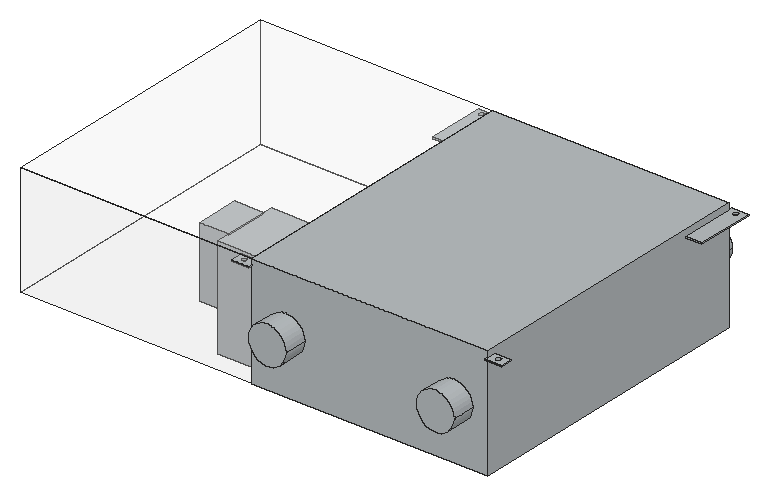
Revit family "lgh-rn15_100rxv2(d)_60Hz", category 機械設備, Revit 2019
Family settings
  丸型コネクタ寸法 = 直径を使用
  パーツ タイプ = 割り込み
  OmniClass 番号 = 23.75.10.34.21
  OmniClass タイトル = Heat Exchangers for Ventilation Air
  作業面ベース = いいえ
  常に垂直 = はい
  ロード時にボイドで切り取り = いいえ
  共有 = いいえ
  部屋計算ポイント = はい
Parameters (values of type "LGH-RN15RXV2")
  騒音レベル(dB(A)) = 31
  風量 = MAX風量  # 150.0 m³/h
  面風速 = 5.31 m/s
  電源種別 [instance] = "一般"
  電圧 = 100 V
  電動機出力 = 0 W
  集中コントローラ = ""
  運転質量 = 0.00 kg
  連動 [instance] = ""
  質量 = if(製品質量 > 運転質量, 製品質量, 運転質量) * 1.2  # 27.60 kg
  負荷分類 = 3_ファン類
  説明 = "業務用ロスナイ 天井埋込形 DCリプレースマイコン"
  設計風量 = 0.0 m³/h
  設置方法 = "天井吊(隠ぺい)形"
  記号 [instance] = ""
  製造元 = "三菱電機株式会社"
  製品質量 = 23.00 kg
  製品出荷対象 = "国内"
  製品リリース年月 = "2023/5/15"
  製品グループ = ""
  系統 [instance] = ""
  符号 [instance] = "HEU"
  積算_科目 = "1 空気調和設備"
  積算_拾い区分 [instance] = ""
  相 = 1
  盤記号 [instance] = ""
  発停方法 [instance] = ""
  特殊仕様 [instance] = ""
  点検口高さ = -Height / 2  # -145 mm
  点検口 = yes
  火災停止 [instance] = ""
  温度交換効率_特強 = 74.00%
  温度交換効率_強 = 74.00%
  温度交換効率_弱 = 78.00%
  消費電力 = 85 W
  法定耐用年数 = "15"
  機外静圧_排気 = 210.0 Pa
  機外静圧 = 210.0 Pa
  極数 = 2
  材質 [instance] = ""
  本体マテリアル = 溶融亜鉛めっき鋼板
  操作・制御方式 = ""
  操作・制御スイッチ = ""
  排気量 = 0.0 m³/h
  形式 = "天井埋込ダクト形"
  形名 = LGH-RN-2 : LGH-RN15-2
  幹線記号 [instance] = ""
  対象室 [instance] = ""
  実風量 = 0.0 m³/h
  始動方式 [instance] = "直入"
  外気量 = 設計風量  # 0.0 m³/h
  呼称 = "全熱交換ユニット"
  周波数 = 60 Hz
  吊りボルト-W = 658 mm
  吊りボルト-D = 768 mm
  参照している仕様書等のバージョン = "公共建築工事標準仕様書（機械設備工事編）平成31年度版"
  初期抵抗 = 0.0 Pa
  分類コード = "50052504100070"
  分類グループ = ""
  価格 = 379000
  企業コード = "108420"
  付属品_フィルター_還気 = ""
  付属品_フィルター = ""
  付属品 [instance] = ""
  仕様書バージョン = "Version1.0"
  モデル = "LGH-RN15RXV2"
  ドレン管径 = 0 mm
  ダクト径 = 100 mm
  OAダクト変更表示 = no
  EAダクト変更表示 = no
  サービススペース = yes
  コメント [instance] = ""
  Keynote = ""
  エンタルピ交換効率_暖房_特強 = 75.50%
  エンタルピ交換効率_暖房_強 = 75.50%
  エンタルピ交換効率_暖房_弱 = 79.00%
  エンタルピ交換効率_冷房_特強 = 64.50%
  エンタルピ交換効率_冷房_強 = 64.50%
  エンタルピ交換効率_冷房_弱 = 69.00%
  Width = 610 mm
  Version = ""
  Uniclass2015Version = "Systems v1.9"
  Uniclass2015Title = "Thermal wheels"
  Uniclass2015Code = "Pr_60_60_36_88"
  URL = "https://www.mitsubishielectric.co.jp/ldg/wink/qr/002/324437/"
  SpecificationReference = ""
  SpecificationDescription = ""
  SMAX風量 = 150.0 m³/h
  SMAX静圧 = 210.0 Pa
  SAサイズ_D = 97.5 mm
  Revision = ""
  RAサイズ_D = 97.5 mm
  ProductInformation = ""
  OmniClassCode = "23-27 23 19 11"
  OAサイズ_W = 0 mm
  OAサイズ_D = 97.5 mm
  MIN風量 = 66.0 m³/h
  MIN静圧 = 35.0 Pa
  MID風量 = 108.0 m³/h
  MID静圧 = 93.0 Pa
  MAX風量 = 150.0 m³/h
  MAX静圧 = 180.0 Pa
  M = 59 mm
  IfcTypeProduct = ""
  IfcProduct = ""
  IfcExportType = "ROTARYWHEEL"
  IfcExportAs = "IfcAirToAirHeatRecoveryType"
  Height = 290 mm
  EAサイズ_W = 0 mm
  EAサイズ_D = 97.5 mm
  Depth = 780 mm
  Clearance Top = 0 mm  # constant formula
  Clearance Right = 0 mm  # constant formula
  Clearance Left = 600 mm  # constant formula
  Clearance Front = 0 mm  # constant formula
  Clearance Bottom = 0 mm  # constant formula
  Clearance Back = 0 mm  # constant formula
  Author = "三菱電機株式会社"
Types (14, lengths in mm): name | 騒音レベル(dB(A)) | 風量 | 面風速 | 電圧 | 質量 | 製品質量 | 点検口高さ | 温度交換効率_特強 | 温度交換効率_強 | 温度交換効率_弱 | 消費電力 | 機外静圧_排気 | 機外静圧 | 極数 | 吊りボルト-W | 吊りボルト-D | 参照している仕様書等のバージョン | 価格 | モデル | ダクト径 | エンタルピ交換効率_暖房_特強 | エンタルピ交換効率_暖房_強 | エンタルピ交換効率_暖房_弱 | エンタルピ交換効率_冷房_特強 | エンタルピ交換効率_冷房_強 | エンタルピ交換効率_冷房_弱 | Width | URL | SMAX風量 | SMAX静圧 | SAサイズ_D | RAサイズ_D | OAサイズ_D | MIN風量 | MIN静圧 | MID風量 | MID静圧 | MAX風量 | MAX静圧 | M | Height | EAサイズ_D | Depth
  LGH-RN15RXV2 | 31 | 150.0 m³/h | 5.31 m/s | 100 V | 27.60 kg | 23.00 kg | -145 | 74.00% | 74.00% | 78.00% | 85 W | 210.0 Pa | 210.0 Pa | 2 | 658 | 768 | "公共建築工事標準仕様書（機械設備工事編）平成31年度版" | 379000 | "LGH-RN15RXV2" | 100 | 75.50% | 75.50% | 79.00% | 64.50% | 64.50% | 69.00% | 610 | "https://www.mitsubishielectric.co.jp/ldg/wink/qr/002/324437/" | 150.0 m³/h | 210.0 Pa | 97.5 | 97.5 | 97.5 | 66.0 m³/h | 35.0 Pa | 108.0 m³/h | 93.0 Pa | 150.0 m³/h | 180.0 Pa | 59 | 290 | 97.5 | 780
  LGH-RN15RXV2D | 31 | 150.0 m³/h | 5.31 m/s | 200 V | 27.60 kg | 23.00 kg | -145 | 74.00% | 74.00% | 78.00% | 85 W | 210.0 Pa | 210.0 Pa | 3 | 658 | 768 | "公共建築工事標準仕様書（機械設備工事編）平成31年度版" | 379000 | "LGH-RN15RXV2D" | 100 | 75.50% | 75.50% | 79.00% | 64.50% | 64.50% | 69.00% | 610 | "https://www.mitsubishielectric.co.jp/ldg/wink/qr/002/324438/" | 150.0 m³/h | 210.0 Pa | 97.5 | 97.5 | 97.5 | 66.0 m³/h | 35.0 Pa | 108.0 m³/h | 93.0 Pa | 150.0 m³/h | 180.0 Pa | 59 | 290 | 97.5 | 780
  LGH-RN25RXV2 | 30 | 250.0 m³/h | 3.93 m/s | 100 V | 28.80 kg | 24.00 kg | -145 | 70.00% | 70.00% | 78.00% | 110 W | 170.0 Pa | 170.0 Pa | 2 | 782 | 768 | "公共建築工事標準仕様書（機械設備工事編）平成31年度版" | 412000 | "LGH-RN25RXV2" | 150 | 73.00% | 73.00% | 78.50% | 63.00% | 63.00% | 68.50% | 735 | "https://www.mitsubishielectric.co.jp/ldg/wink/qr/002/324440/" | 250.0 m³/h | 170.0 Pa | 142 | 142 | 142 | 110.0 m³/h | 28.0 Pa | 180.0 m³/h | 75.0 Pa | 250.0 m³/h | 145.0 Pa | 69 | 290 | 142 | 780
  LGH-RN25RXV2D | 30 | 250.0 m³/h | 3.93 m/s | 200 V | 28.80 kg | 24.00 kg | -145 | 70.00% | 70.00% | 78.00% | 110 W | 170.0 Pa | 170.0 Pa | 3 | 782 | 768 | "公共建築工事標準仕様書（機械設備工事編）平成31年度版" | 412000 | "LGH-RN25RXV2D" | 150 | 73.00% | 73.00% | 78.50% | 63.00% | 63.00% | 68.50% | 735 | "https://www.mitsubishielectric.co.jp/ldg/wink/qr/002/324441/" | 250.0 m³/h | 170.0 Pa | 142 | 142 | 142 | 110.0 m³/h | 28.0 Pa | 180.0 m³/h | 75.0 Pa | 250.0 m³/h | 145.0 Pa | 69 | 290 | 142 | 780
  LGH-RN35RXV2 | 33 | 350.0 m³/h | 5.5 m/s | 100 V | 39.60 kg | 33.00 kg | -165 | 71.50% | 71.50% | 75.00% | 210 W | 300.0 Pa | 300.0 Pa | 2 | 921 | 875 | "公共建築工事標準仕様書（機械設備工事編）平成31年度版" | 454000 | "LGH-RN35RXV2" | 150 | 74.50% | 74.50% | 78.50% | 65.50% | 65.50% | 66.50% | 875 | "https://www.mitsubishielectric.co.jp/ldg/wink/qr/002/324442/" | 350.0 m³/h | 300.0 Pa | 142 | 142 | 142 | 154.0 m³/h | 36.0 Pa | 252.0 m³/h | 96.0 Pa | 350.0 m³/h | 185.0 Pa | 69 | 330 | 142 | 890
  LGH-RN35RXV2D | 33 | 350.0 m³/h | 5.5 m/s | 200 V | 39.60 kg | 33.00 kg | -165 | 71.50% | 71.50% | 75.00% | 210 W | 300.0 Pa | 300.0 Pa | 3 | 921 | 875 | "公共建築工事標準仕様書（機械設備工事編）平成31年度版" | 454000 | "LGH-RN35RXV2D" | 150 | 74.50% | 74.50% | 78.50% | 65.50% | 65.50% | 66.50% | 875 | "https://www.mitsubishielectric.co.jp/ldg/wink/qr/002/324443/" | 350.0 m³/h | 300.0 Pa | 142 | 142 | 142 | 154.0 m³/h | 36.0 Pa | 252.0 m³/h | 96.0 Pa | 350.0 m³/h | 185.0 Pa | 69 | 330 | 142 | 890
  LGH-RN50RXV2 | 37 | 500.0 m³/h | 4.42 m/s | 100 V | 44.40 kg | 37.00 kg | -165 | 71.00% | 71.00% | 75.00% | 315 W | 310.0 Pa | 310.0 Pa | 2 | 1063 | 875 | "公共建築工事標準仕様書（機械設備工事編）平成31年度版" | 547000 | "LGH-RN50RXV2" | 200 | 73.00% | 73.00% | 77.50% | 63.00% | 63.00% | 66.50% | 1020 | "https://www.mitsubishielectric.co.jp/ldg/wink/qr/002/324444/" | 500.0 m³/h | 310.0 Pa | 192 | 192 | 192 | 220.0 m³/h | 37.0 Pa | 360.0 m³/h | 98.0 Pa | 500.0 m³/h | 190.0 Pa | 84 | 330 | 192 | 890
  LGH-RN50RXV2D | 37 | 500.0 m³/h | 4.42 m/s | 200 V | 44.40 kg | 37.00 kg | -165 | 71.00% | 71.00% | 75.00% | 315 W | 310.0 Pa | 310.0 Pa | 3 | 1063 | 875 | "公共建築工事標準仕様書（機械設備工事編）平成31年度版" | 547000 | "LGH-RN50RXV2D" | 200 | 73.00% | 73.00% | 77.50% | 63.00% | 63.00% | 66.50% | 1020 | "https://www.mitsubishielectric.co.jp/ldg/wink/qr/002/324445/" | 500.0 m³/h | 310.0 Pa | 192 | 192 | 192 | 220.0 m³/h | 37.0 Pa | 360.0 m³/h | 98.0 Pa | 500.0 m³/h | 190.0 Pa | 84 | 330 | 192 | 890
  LGH-RN65RXV2 | 40 | 650.0 m³/h | 5.75 m/s | 100 V | 51.60 kg | 43.00 kg | -202 | 71.50% | 71.50% | 76.00% | 445 W | 320.0 Pa | 320.0 Pa | 2 | 1001 | 895 | "公共建築工事標準仕様書（機械設備工事編）平成31年度版" | 628000 | "LGH-RN65RXV2" | 200 | 72.00% | 72.00% | 76.00% | 63.00% | 63.00% | 67.00% | 892 | "https://www.mitsubishielectric.co.jp/ldg/wink/qr/002/324446/" | 650.0 m³/h | 320.0 Pa | 192 | 192 | 192 | 286.0 m³/h | 45.0 Pa | 468.0 m³/h | 119.0 Pa | 650.0 m³/h | 230.0 Pa | 84 | 404 | 192 | 984
  LGH-RN65RXV2D | 40 | 650.0 m³/h | 5.75 m/s | 200 V | 51.60 kg | 43.00 kg | -202 | 71.50% | 71.50% | 76.00% | 445 W | 320.0 Pa | 320.0 Pa | 3 | 1001 | 895 | "公共建築工事標準仕様書（機械設備工事編）平成31年度版" | 628000 | "LGH-RN65RXV2D" | 200 | 72.00% | 72.00% | 76.00% | 63.00% | 63.00% | 67.00% | 892 | "https://www.mitsubishielectric.co.jp/ldg/wink/qr/002/324447/" | 650.0 m³/h | 320.0 Pa | 192 | 192 | 192 | 286.0 m³/h | 45.0 Pa | 468.0 m³/h | 119.0 Pa | 650.0 m³/h | 230.0 Pa | 84 | 404 | 192 | 984
  LGH-RN80RXV2 | 40 | 800.0 m³/h | 4.53 m/s | 100 V | 63.60 kg | 53.00 kg | -202 | 73.00% | 73.00% | 76.50% | 540 W | 310.0 Pa | 310.0 Pa | 2 | 1051 | 1131 | "公共建築工事標準仕様書（機械設備工事編）平成31年度版" | 748000 | "LGH-RN80RXV2" | 250 | 75.00% | 75.00% | 78.00% | 65.00% | 65.00% | 68.00% | 1004 | "https://www.mitsubishielectric.co.jp/ldg/wink/qr/002/324448/" | 800.0 m³/h | 310.0 Pa | 242 | 242 | 242 | 352.0 m³/h | 37.0 Pa | 576.0 m³/h | 98.0 Pa | 800.0 m³/h | 190.0 Pa | 84 | 404 | 242 | 1144
  LGH-RN80RXV2D | 40 | 800.0 m³/h | 4.53 m/s | 200 V | 63.60 kg | 53.00 kg | -202 | 73.00% | 73.00% | 76.50% | 540 W | 310.0 Pa | 310.0 Pa | 3 | 1051 | 1131 | "公共建築工事標準仕様書（機械設備工事編）平成31年度版" | 748000 | "LGH-RN80RXV2D" | 250 | 75.00% | 75.00% | 78.00% | 65.00% | 65.00% | 68.00% | 1004 | "https://www.mitsubishielectric.co.jp/ldg/wink/qr/002/324449/" | 800.0 m³/h | 310.0 Pa | 242 | 242 | 242 | 352.0 m³/h | 37.0 Pa | 576.0 m³/h | 98.0 Pa | 800.0 m³/h | 190.0 Pa | 84 | 404 | 242 | 1144
  LGH-RN100RXV2 | 38 | 1000.0 m³/h | 5.66 m/s | 100 V | 69.60 kg | 58.00 kg | -202 | 73.00% | 73.00% | 75.00% | 580 W | 225.0 Pa | 225.0 Pa | 2 | 1278 | 1131 | "" | 852000 | "LGH-RN100RXV2" | 250 | 75.00% | 75.00% | 76.50% | 65.00% | 65.00% | 67.50% | 1231 | "https://www.mitsubishielectric.co.jp/ldg/wink/qr/002/324434/" | 1000.0 m³/h | 225.0 Pa | 242 | 242 | 242 | 440.0 m³/h | 32.0 Pa | 720.0 m³/h | 86.0 Pa | 1000.0 m³/h | 165.0 Pa | 84 | 404 | 242 | 1144
  LGH-RN100RXV2D | 38 | 1000.0 m³/h | 5.66 m/s | 200 V | 69.60 kg | 58.00 kg | -202 | 73.00% | 73.00% | 75.00% | 580 W | 225.0 Pa | 225.0 Pa | 3 | 1278 | 1131 | "" | 852000 | "LGH-RN100RXV2D" | 250 | 75.00% | 75.00% | 76.50% | 65.00% | 65.00% | 67.50% | 1231 | "https://www.mitsubishielectric.co.jp/ldg/wink/qr/002/324435/" | 1000.0 m³/h | 225.0 Pa | 242 | 242 | 242 | 440.0 m³/h | 32.0 Pa | 720.0 m³/h | 86.0 Pa | 1000.0 m³/h | 165.0 Pa | 84 | 404 | 242 | 1144
Reference planes
  plane 1 "中心(正面/背面)": y = 0
  plane 2: z = 0
  plane 3 "中心(左/右)": x = 0
  plane 4 "4": x = 0
  plane 5 "3": x = 0
  plane 6 "左": x = -305
  plane 7 "右": x = 305
  plane 8 "背面": y = 390
  plane 9 "正面": y = -390
  plane 10: z = 145
  plane 11: y = 384
  plane 12: y = -384
  plane 13: x = 329
  plane 14: x = -329
  plane 15: z = -145
  plane 16: y = 390
  plane 17: y = -390
  plane 18: x = 305
  plane 19: x = -905
  plane 20: z = 145
  plane 21: z = -145
  plane 22: y = 225
  plane 23: y = -225
  plane 24: x = -455
Dimensions and locks
  equal spacing: plane 6 "左", plane 5 "3", plane 7 "右"
  "Width": plane 6 "左" to plane 7 "右"
  equal spacing: plane 9 "正面", plane 1 "中心(正面/背面)", plane 8 "背面"
  "Depth": plane 9 "正面" to plane 8 "背面"
  equal spacing: plane 10, level, plane 15
  "Height": plane 10 to plane 15
  equal spacing: plane 14, plane 5 "3", plane 13
  "吊りボルト-W": plane 14 to plane 13
  equal spacing: plane 12, plane 1 "中心(正面/背面)", plane 11
  "吊りボルト-D": plane 12 to plane 11
  "Clearance Front": plane 17 to plane 9 "正面"
  "Clearance Back": plane 8 "背面" to plane 16
  "Clearance Right": plane 7 "右" to plane 18
  "Clearance Left": plane 19 to plane 6 "左"
  "Clearance Bottom": plane 15 to plane 21
  "Clearance Top": plane 20 to plane 10
  plane 17 to plane 9 "正面" = 0 mm
  equal spacing: plane 22, plane 1 "中心(正面/背面)", plane 23
  locked: plane 22 to plane 23 at 450
  locked: plane 19 to plane 24 at 450
  aligned and locked: level to plane 2
  aligned and locked: nested 1 to plane 11
  aligned and locked: plane 12 to nested 1
  aligned and locked: plane 14 to nested 1
  aligned and locked: plane 13 to nested 1
  aligned and locked: plane 10 to nested 2
  aligned and locked: plane 19 to nested 3
  aligned and locked: plane 20 to nested 3
  aligned and locked: plane 21 to nested 3
  aligned and locked: plane 17 to nested 3
  aligned and locked: plane 16 to nested 3
  aligned and locked: plane 6 "左" to nested 3
  aligned and locked: nested 2 to plane 5 "3"
  aligned and locked: plane 1 "中心(正面/背面)" to nested 2
  aligned and locked: plane 24 to nested 4
  aligned and locked: plane 19 to nested 4
  aligned and locked: plane 23 to nested 4
  aligned and locked: plane 22 to nested 4
Nested families
  nested 1: "固定点" at (-329, -384, 0), type "固定点"
    with W 658 mm, D 768 mm
  nested 2: "LGH-RN-2" at (0, 0, -145) x (0, -1, 0) z (0, 0, 1), type <- "形名", type "LGH-RN15-2"
    with EA一般 yes, EA変更 no
  nested 3: "サービススペース" at (-605, 0, 0), visible <- "サービススペース", type "サービススペース"
    with Width 600 mm, Height 290 mm, Depth 780 mm
  nested 4: "点検口設置範囲" at (-680, 0, -145), built-in parameter 1001364 <- "点検口高さ", visible <- "点検口", type "点検口設置範囲"
    with Width 450 mm, Depth 450 mm
Connectors
  hvac at (-217.5, -449, 0), driven by "ダクト径", driven by "機外静圧", driven by "風量"
    settings: on nested 2, index 2, duct flow 150.0 m³/h, flow factor 0, pres drop 210.0 Pa, loss coef 0, conn angle 0.00°, conn width 304.8 mm, conn height 304.8 mm, conn diameter 100 mm, duct sys type 1, conn prof type 0, flow config 0, flow direction 2, loss method 4, conn ref index -1, conn util no, is conn primary yes, conn desc ""
  hvac at (217.5, -449, 0), driven by "ダクト径", driven by "機外静圧", driven by "風量"
    settings: on nested 2, index 3, duct flow 150.0 m³/h, flow factor 0, pres drop 210.0 Pa, loss coef 0, conn angle 0.00°, conn width 304.8 mm, conn height 304.8 mm, conn diameter 100 mm, duct sys type 2, conn prof type 0, flow config 0, flow direction 1, loss method 4, conn ref index -1, conn util no, is conn primary no, conn desc ""
  hvac at (-217.5, 449, 0), driven by "EAサイズ_D", driven by "機外静圧", driven by "排気量"
    settings: on nested 2, index 4, duct flow 0.0 m³/h, flow factor 0, pres drop 210.0 Pa, loss coef 0, conn angle 0.00°, conn width 304.8 mm, conn height 304.8 mm, conn diameter 97.5 mm, duct sys type 3, conn prof type 0, flow config 0, flow direction 2, loss method 4, conn ref index -1, conn util no, is conn primary no, conn desc ""
  hvac at (-217.5, 449, 0), driven by "ダクト径", driven by "機外静圧", driven by "外気量"
    settings: on nested 2, index 5, duct flow 0.0 m³/h, flow factor 0, pres drop 210.0 Pa, loss coef 0, conn angle 0.00°, conn width 304.8 mm, conn height 304.8 mm, conn diameter 100 mm, duct sys type 4, conn prof type 0, flow config 0, flow direction 1, loss method 4, conn ref index -1, conn util no, is conn primary no, conn desc ""
  hvac at (364, 272, 0), driven by "ダクト径", driven by "機外静圧", driven by "排気量"
    settings: on nested 2, index 7, duct flow 0.0 m³/h, flow factor 0, pres drop 210.0 Pa, loss coef 0, conn angle 0.00°, conn width 304.8 mm, conn height 304.8 mm, conn diameter 100 mm, duct sys type 3, conn prof type 0, flow config 0, flow direction 2, loss method 4, conn ref index -1, conn util no, is conn primary no, conn desc ""
  hvac at (-364, 272, 0), driven by "ダクト径", driven by "機外静圧", driven by "外気量"
    settings: on nested 2, index 8, duct flow 0.0 m³/h, flow factor 0, pres drop 210.0 Pa, loss coef 0, conn angle 0.00°, conn width 304.8 mm, conn height 304.8 mm, conn diameter 100 mm, duct sys type 4, conn prof type 0, flow config 0, flow direction 1, loss method 4, conn ref index -1, conn util no, is conn primary no, conn desc ""
  hvac at (217.5, 449, 0), driven by "ダクト径", driven by "機外静圧", driven by "排気量"
    settings: on nested 2, index 9, duct flow 0.0 m³/h, flow factor 0, pres drop 210.0 Pa, loss coef 0, conn angle 0.00°, conn width 304.8 mm, conn height 304.8 mm, conn diameter 100 mm, duct sys type 3, conn prof type 0, flow config 0, flow direction 2, loss method 4, conn ref index -1, conn util no, is conn primary no, conn desc ""
  electrical at (-362.5, -357, -0.5), driven by "極数", driven by "負荷分類", driven by "電圧", driven by "消費電力"
    settings: on nested 2, index 10, voltage 100 V, apparent load 85 VA, apparent load phase1 0 VA, apparent load phase2 0 VA, apparent load phase3 0 VA, power factor 1, load classification "3_ファン類", number of poles 2, system type 30, power factor state 1, is connector primary yes, connector utility no, sub classification motor no, connector description ""
Definition of nested family "LGH-RN-2"
  Parameters (values of type "LGH-RN15-2")
    吊りボルト-φ = 13 mm
    吊りボルト-W1 = 768 mm
    吊りボルト-D1 = 658 mm
    マテリアル = none
    ダクト間 = 435 mm
    ダクト変更位置 = 118 mm
    OA一般 = not(OA変更)  # yes
    OA変更 = no
    EA一般 = not(EA変更)  # no
    EA変更 = yes
    コントロール手前位置 = 33 mm
    コントロール上位置 = 15 mm
    φ = 97.5 mm
    Φ = 110 mm
    吊りボルト-H = 15 mm
    M = 59 mm
    W = 780 mm
    H = 290 mm
    D = 610 mm
    CO2センサー手前位置 = 69 mm
    CO2センサー上位置 = 14 mm
  Types (7, lengths in mm): name | 吊りボルト-W1 | 吊りボルト-D1 | ダクト間 | ダクト変更位置 | コントロール手前位置 | コントロール上位置 | φ | Φ | 吊りボルト-H | M | W | H | D | CO2センサー手前位置 | CO2センサー上位置
    LGH-RN100-2 | 1131 | 1278 | 917 | 165 | 146 | 88 | 242 | 258 | 15 | 84 | 1144 | 404 | 1231 | 182 | 87
    LGH-RN80-2 | 1131 | 1051 | 690 | 165 | 146 | 88 | 242 | 258 | 15 | 84 | 1144 | 404 | 1004 | 182 | 87
    LGH-RN65-2 | 895 | 1001 | 620 | 122 | 71 | 57 | 192 | 208 | 15 | 84 | 984 | 404 | 892 | 107 | 56
    LGH-RN35-2 | 875 | 921 | 600 | 140 | 68 | 23 | 142 | 160 | 19 | 69 | 890 | 330 | 875 | 104 | 22
    LGH-RN25-2 | 768 | 782 | 520 | 118 | 33 | 15 | 142 | 160 | 15 | 69 | 780 | 290 | 735 | 69 | 14
    LGH-RN50-2 | 875 | 1063 | 700 | 130 | 68 | 23 | 192 | 208 | 19 | 84 | 890 | 330 | 1020 | 104 | 22
    LGH-RN15-2 | 768 | 658 | 435 | 118 | 33 | 15 | 97.5 | 110 | 15 | 59 | 780 | 290 | 610 | 69 | 14
  Reference planes
    plane 1 "中心(正面/背面)": y = 0
    plane 2: z = 0
    plane 3 "中心(左/右)": x = 0
    plane 4: y = 305
    plane 5: y = 329
    plane 6: y = 349
    plane 7: y = -305
    plane 8: y = -329
    plane 9: y = -349
    plane 10: x = -390
    plane 11: x = 390
    plane 12: z = 290
    plane 13: x = -213
    plane 14: x = 449
    plane 15: x = -449
    plane 16: z = 145
    plane 17: y = 217.5
    plane 18: y = -217.5
    plane 19: x = -384
    plane 20: x = 384
    plane 21: x = 130
    plane 22: x = -130
    plane 23: y = -420
    plane 24: y = -495
    plane 25: x = 357
    plane 26: x = 381.333
    plane 27: x = 182
    plane 28: z = 241.667
    plane 29: z = 193.333
    plane 30: z = 96.667
    plane 31: z = 48.333
    plane 32: x = 321
    plane 33: x = 208
    plane 34: x = -399
    plane 35: x = 399
    plane 36: x = 369
    plane 37: x = -249
    plane 38: z = 275
    plane 39: z = 272
    plane 40: z = 275
    plane 41: z = 276
    plane 42: z = 94
    plane 43: z = 14
    plane 44: x = -272
    plane 45: y = -364
    plane 46: y = 364
  Forms (mm)
    Extrusion 1, solid, material <- "マテリアル", detail levels fine
      sketch origin (0, 0, 0) x (1, 0, 0) y (0, 1, 0)
        loop
          line (-390, 305) -> (-390, -305) -> (390, -305) -> (390, 305) -> (-390, 305)
      from 0 to 290
    Extrusion 2, solid, material <- "マテリアル", visible <- "OA一般", detail levels fine
      sketch origin (0, 0, 0) x (0, 1, 0) y (0, 0, 1)
        loop
          circle (-217.5, 145) r 48.75
      from -390 to -449
    Extrusion 3, solid, material <- "マテリアル", detail levels fine
      sketch origin (0, 0, 0) x (0, 1, 0) y (0, 0, -1)
        loop
          circle (-217.5, -145) r 48.75
        loop
          circle (217.5, -145) r 48.75
      from -390 to -449
    Extrusion 4, solid, material <- "マテリアル", detail levels fine
      sketch origin (0, 0, 0) x (1, 0, 0) y (0, 0, 1)
        loop
          line (182, 275) -> (182, 14) -> (357, 14) -> (357, 275) -> (182, 275)
      from 305 to 420
    Extrusion 5, solid, material <- "マテリアル", detail levels fine
      sketch origin (0, 0, 0) x (1, 0, 0) y (0, 0, 1)
        loop
          line (208, 276) -> (208, 94) -> (321, 94) -> (321, 276) -> (208, 276)
      from 420 to 495
    Extrusion 6, solid, material <- "マテリアル", detail levels fine
      sketch origin (0, 0, 0) x (1, 0, 0) y (0, 1, 0)
        loop
          line (-399, 349) -> (-399, 305) -> (-249, 305) -> (-249, 349) -> (-399, 349)
        loop
          line (-399, -305) -> (-399, -349) -> (-249, -349) -> (-249, -305) -> (-399, -305)
        loop
          line (369, 349) -> (369, 305) -> (399, 305) -> (399, 349) -> (369, 349)
        loop
          line (369, -349) -> (399, -349) -> (399, -305) -> (369, -305) -> (369, -349)
        loop
          circle (-384, 329) r 6.5
        loop
          circle (384, 329) r 6.5
        loop
          circle (-384, -329) r 6.5
        loop
          circle (384, -329) r 6.5
      from 272 to 275
    Extrusion 7, solid, material <- "マテリアル", visible <- "OA変更", detail levels fine
      sketch origin (0, 0, 0) x (1, 0, 0) y (0, 0, 1)
        loop
          circle (-272, 145) r 48.75
      from 305 to 364
    Extrusion 8, solid, material <- "マテリアル", visible <- "EA変更", detail levels fine
      sketch origin (0, 0, 0) x (1, 0, 0) y (0, 0, -1)
        loop
          circle (-272, -145) r 48.75
      from 305 to 364
    Extrusion 9, solid, material <- "マテリアル", visible <- "EA一般", detail levels fine
      sketch origin (0, 435, 0) x (0, 1, 0) y (0, 0, 1)
        loop
          circle (-217.5, 145) r 48.75
      from -390 to -449
  Dimensions and locks
    "W": plane 10 to plane 11
    "吊りボルト-D1": plane 8 to plane 5
    "D": plane 7 to plane 4
    equal spacing: plane 7, plane 1 "中心(正面/背面)", plane 4
    equal spacing: plane 10, plane 3 "中心(左/右)", plane 11
    "H": plane 12 to level
    "M": plane 15 to plane 10
    "M": plane 11 to plane 14
    equal spacing: plane 8, plane 1 "中心(正面/背面)", plane 5
    equal spacing: plane 18, plane 1 "中心(正面/背面)", plane 17
    "ダクト間": plane 18 to plane 17
    equal spacing: plane 19, plane 3 "中心(左/右)", plane 20
    "吊りボルト-W1": plane 19 to plane 20
    plane 15 to plane 14 = 898 mm
    equal spacing: plane 10, plane 22, plane 21, plane 11
    plane 11 to plane 21 to plane 22 to plane 10 = 260 mm, 260 mm, 260 mm
    locked: plane 23 to plane 7 at 115
    locked: plane 24 to plane 7 at 190
    equal spacing: plane 12, plane 28, plane 29, plane 16, plane 30, plane 31, level
    locked: plane 5 to plane 6 at 20
    locked: plane 9 to plane 8 at 20
    locked: plane 38 to plane 39 at 3
    "吊りボルト-H": plane 12 to plane 38
    locked: plane 19 to plane 37 at 135
    locked: plane 36 to plane 20 at 15
    locked: plane 34 to plane 10 at 9
    locked: plane 11 to plane 35 at 9
    locked: plane 33 to plane 32 at 113
    locked: plane 27 to plane 25 at 175
    "CO2センサー手前位置": plane 32 to plane 11
    "コントロール手前位置": plane 25 to plane 11
    "コントロール上位置": plane 12 to plane 40
    locked: plane 40 to plane 43 at 261
    "CO2センサー上位置": plane 12 to plane 41
    locked: plane 41 to plane 42 at 182
    "ダクト変更位置": plane 10 to plane 44
    "M": plane 45 to plane 7
    "M": plane 4 to plane 46
    "φ": diameter of Extrusion 2 sketch curve
    "φ": diameter of Extrusion 3 sketch curve  (x2)
    "吊りボルト-φ": diameter of Extrusion 6 sketch curve  (x4)
    "φ": diameter of Extrusion 7 sketch curve
    "φ": diameter of Extrusion 8 sketch curve
    "φ": diameter of Extrusion 9 sketch curve
    aligned and locked: level to plane 2
    aligned and locked: plane 4 to Extrusion 1 sketch curve
    aligned and locked: plane 10 to Extrusion 1 sketch curve
    aligned and locked: Extrusion 1 sketch curve to plane 7
    aligned and locked: Extrusion 1 sketch curve to plane 11
    aligned and locked: plane 12 to Extrusion 1
    aligned and locked: plane 16 to Extrusion 2 sketch curve
    aligned and locked: Extrusion 2 to plane 15
    aligned and locked: plane 14 to Extrusion 3
    aligned and locked: plane 18 to Extrusion 3 sketch curve
    aligned and locked: plane 16 to Extrusion 3 sketch curve  (x2)
    aligned and locked: plane 18 to Extrusion 2 sketch curve
    aligned and locked: plane 17 to Extrusion 3 sketch curve
    aligned and locked: Extrusion 4 sketch curve to plane 25
    aligned and locked: plane 27 to Extrusion 4 sketch curve
    aligned and locked: plane 33 to Extrusion 5 sketch curve
    aligned and locked: Extrusion 5 sketch curve to plane 32
    aligned and locked: plane 7 to Extrusion 4
    aligned and locked: plane 23 to Extrusion 4
    aligned and locked: plane 23 to Extrusion 5
    aligned and locked: plane 24 to Extrusion 5
    aligned and locked: plane 6 to Extrusion 6 sketch curve  (x2)
    aligned and locked: plane 34 to Extrusion 6 sketch curve  (x2)
    aligned and locked: Extrusion 6 sketch curve to plane 4  (x2)
    aligned and locked: Extrusion 6 sketch curve to plane 37  (x2)
    aligned and locked: plane 7 to Extrusion 6 sketch curve
    aligned and locked: Extrusion 6 sketch curve to plane 9
    aligned and locked: Extrusion 6 sketch curve to plane 35
    aligned and locked: plane 9 to Extrusion 6 sketch curve
    aligned and locked: Extrusion 6 sketch curve to plane 7
    aligned and locked: plane 35 to Extrusion 6 sketch curve
    aligned and locked: plane 8 to Extrusion 6 sketch curve  (x2)
    aligned and locked: plane 5 to Extrusion 6 sketch curve  (x2)
    aligned and locked: plane 19 to Extrusion 6 sketch curve  (x2)
    aligned and locked: plane 20 to Extrusion 6 sketch curve  (x2)
    aligned and locked: Extrusion 6 to plane 39
    aligned and locked: plane 38 to Extrusion 6
    aligned and locked: Extrusion 6 sketch curve to plane 36  (x2)
    aligned and locked: plane 42 to Extrusion 5 sketch curve
    aligned and locked: Extrusion 5 sketch curve to plane 41
    aligned and locked: Extrusion 4 sketch curve to plane 40
    aligned and locked: plane 43 to Extrusion 4 sketch curve
    aligned and locked: plane 16 to Extrusion 7 sketch curve
    aligned and locked: plane 44 to Extrusion 7 sketch curve
    aligned and locked: plane 45 to Extrusion 7
    aligned and locked: plane 16 to Extrusion 8 sketch curve
    aligned and locked: plane 44 to Extrusion 8 sketch curve
    aligned and locked: Extrusion 8 to plane 46
    aligned and locked: Extrusion 9 to plane 15
    aligned and locked: plane 16 to Extrusion 9 sketch curve
    aligned and locked: plane 17 to Extrusion 9 sketch curve
    aligned and locked: Extrusion 3 to plane 11
    aligned and locked: plane 10 to Extrusion 2
    aligned and locked: plane 10 to Extrusion 9
    aligned and locked: plane 4 to Extrusion 8
    aligned and locked: Extrusion 7 to plane 7
Definition of nested family "サービススペース"
  Parameters (values of type "サービススペース")
    Width [instance] = 500 mm
    Height [instance] = 500 mm
    Depth [instance] = 500 mm
  Reference planes
    plane 1 "中心(正面/背面)": y = 0
    plane 2: z = 0
    plane 3 "中心(左/右)": x = 0
    plane 4: y = -250
    plane 5: x = 250
    plane 6: y = 250
    plane 7: x = -250
    plane 8: z = 250
    plane 9: z = -250
  Forms (mm)
    Extrusion 1, solid
      sketch origin (-638.939, 0, 72.39) x (1, 0, 0) y (0, 1, 0)
        loop
          line (388.939, 250) -> (388.939, -250) -> (888.939, -250) -> (888.939, 250) -> (388.939, 250)
      from -322.39 to 177.61
  Lines and regions (mm)
    symbolic lines
      curve 1: line (-250, 0, 250) -> (250, 0, 250)
      curve 2: line (-250, 0, -250) -> (-250, 0, 250)
      curve 3: line (250, 0, -250) -> (-250, 0, -250)
      curve 4: line (250, 0, 250) -> (250, 0, -250)
      curve 5: line (0, -250, 250) -> (0, 250, 250)
      curve 6: line (0, -250, -250) -> (0, -250, 250)
      curve 7: line (0, 250, -250) -> (0, -250, -250)
      curve 8: line (0, 250, 250) -> (0, 250, -250)
      curve 9: line (-250, 250, 0) -> (250, 250, 0)
      curve 10: line (-250, -250, 0) -> (-250, 250, 0)
      curve 11: line (250, -250, 0) -> (-250, -250, 0)
      curve 12: line (250, 250, 0) -> (250, -250, 0)
  Dimensions and locks
    equal spacing: plane 7, plane 3 "中心(左/右)", plane 5
    equal spacing: plane 4, plane 1 "中心(正面/背面)", plane 6
    "Depth": plane 4 to plane 6
    "Width": plane 7 to plane 5
    equal spacing: plane 8, plane 2, plane 9
    "Height": plane 8 to plane 9
    aligned and locked: plane 9 to curve 3
    aligned and locked: plane 7 to curve 2
    aligned and locked: curve 4 to plane 5
    aligned and locked: plane 5 to Extrusion 1
    aligned and locked: Extrusion 1 to plane 7
    aligned and locked: Extrusion 1 to plane 9
    aligned and locked: plane 8 to Extrusion 1
    aligned and locked: plane 9 to curve 7
  Automatic sketch dimensions
    plane 4 to Extrusion 1 sketch curve = 0 mm
    Extrusion 1 sketch curve to plane 7 = 0 mm
    Extrusion 1 sketch curve to plane 5 = 0 mm
    plane 6 to Extrusion 1 sketch curve = 0 mm
    curve 2 to plane 8 = 0 mm
    plane 4 to curve 11 = 0 mm
    curve 11 to plane 7 = 0 mm
    curve 11 to plane 5 = 0 mm
    plane 6 to curve 10 = 0 mm
    curve 7 to plane 4 = 0 mm
    curve 7 to plane 6 = 0 mm
    curve 6 to plane 8 = 0 mm
Definition of nested family "固定点"
  Parameters (values of type "固定点")
    中心円 = 11 mm
    W [instance] = 1000 mm
    D [instance] = 1000 mm
  Reference planes
    plane 1 "中心(正面/背面)": y = 0
    plane 2: z = 0
    plane 3 "中心(左/右)": x = 0
    plane 4: x = 1000
    plane 5: y = 1000
  Lines and regions (mm)
    symbolic lines, detail levels fine
      curve 1: circle (0, 1000, 0) r 5.5 normal (0, 0, 1)
      curve 2: circle (0, 0, 0) r 5.5 normal (0, 0, 1)
      curve 3: circle (1000, 1000, 0) r 5.5 normal (0, 0, 1)
      curve 4: circle (1000, 0, 0) r 5.5 normal (0, 0, 1)
      curve 5: line (-200, 1000, 0) -> (1200, 1000, 0)
      curve 6: line (-200, 0, 0) -> (1200, 0, 0)
      curve 7: line (0, 1200, 0) -> (0, -200, 0)
      curve 8: line (1000, 1200, 0) -> (1000, -200, 0)
  Dimensions and locks
    "W": plane 3 "中心(左/右)" to plane 4
    "D": plane 1 "中心(正面/背面)" to plane 5
    "中心円": diameter of curve 1
    "中心円": diameter of curve 2
    "中心円": diameter of curve 3
    "中心円": diameter of curve 4
    aligned and locked: level to plane 2
    aligned and locked: plane 5 to curve 1
    aligned and locked: plane 3 "中心(左/右)" to curve 1
    aligned and locked: plane 3 "中心(左/右)" to curve 2
    aligned and locked: plane 1 "中心(正面/背面)" to curve 2
    aligned and locked: plane 4 to curve 3
    aligned and locked: plane 5 to curve 3
    aligned and locked: plane 1 "中心(正面/背面)" to curve 4
    aligned and locked: plane 4 to curve 4
    aligned and locked: plane 1 "中心(正面/背面)" to curve 6
    aligned and locked: curve 7 to plane 3 "中心(左/右)"
    aligned and locked: curve 8 to plane 4
  Automatic sketch dimensions
    curve 5 to plane 5 = 0 mm
    curve 6 to plane 3 "中心(左/右)" = 200 mm
    curve 5 to plane 3 "中心(左/右)" = 200 mm
    curve 4 to curve 6 = 200 mm
    curve 3 to curve 5 = 200 mm
    plane 1 "中心(正面/背面)" to curve 8 = 200 mm
    plane 1 "中心(正面/背面)" to curve 7 = 200 mm
    curve 3 to curve 8 = 200 mm
    curve 1 to curve 7 = 200 mm
Definition of nested family "点検口設置範囲"
  Parameters (values of type "点検口設置範囲")
    Width [instance] = 1000 mm
    Depth [instance] = 700 mm
  Reference planes
    plane 1 "中心(正面/背面)": y = 0
    plane 2: z = 0
    plane 3 "中心(左/右)": x = 0
    plane 4: x = -500
    plane 5: x = 500
    plane 6: y = -350
    plane 7: y = 350
  Lines and regions (mm)
    model lines
      curve 1: line (-500, 350, 0) -> (500, 350, 0)
      curve 2: line (-500, -350, 0) -> (-500, 350, 0)
      curve 3: line (500, -350, 0) -> (-500, -350, 0)
      curve 4: line (500, 350, 0) -> (500, -350, 0)
  Dimensions and locks
    "Depth": plane 7 to plane 6
    "Width": plane 4 to plane 5
    equal spacing: plane 7, plane 1 "中心(正面/背面)", plane 6
    equal spacing: plane 4, plane 3 "中心(左/右)", plane 5
    aligned and locked: level to plane 2
    aligned and locked: plane 4 to curve 2
    aligned and locked: curve 1 to plane 7
    aligned and locked: curve 4 to plane 5
    aligned and locked: plane 6 to curve 3
